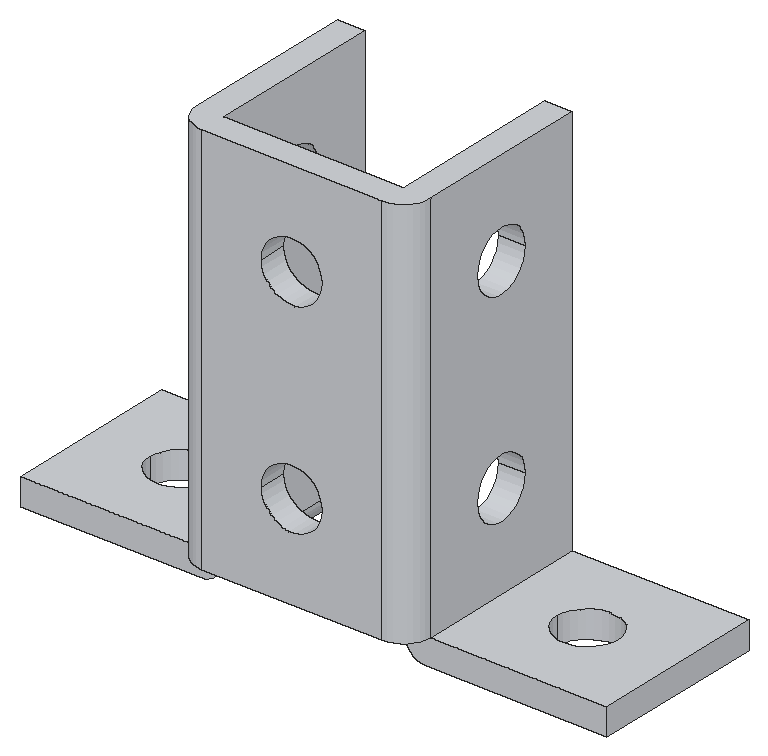
Revit family "Fitting-Wing_Shape-Unistrut-P2346", category Specialty Equipment, Revit 2012
Parameters (values of type "P2346")
  ecoScorecard_data = "http://products.ecoscorecard.com/atkore/P2346"
  ecoScorecard Product Page = "http://products.ecoscorecard.com/atkore/P2346?action=html"
  Weight Per Piece = 1.50 lbf
  Unit = none
  Unistrut Part Number = "P2346"  # constant formula
  URL = "http://unistrut.us/index.php"
  Thickness = 1/4"
  Subcategory = "Wing Shape Fittings"  # constant formula
  Product Page URL = "http://unistrut.us/index.php?WP=cat_detail&S=S05&P=P2346"
  Power Strut Part Number = "PS 821"  # constant formula
  Part Type = "Fitting"  # constant formula
  Overall Width = 5 13/32"
  Overall Length = 1 5/8"
  Overall Height = 3 7/8"
  Model = "P2346"
  Material = ""
  Manufacturer Phone - Toll Free = "800-882-5543"  # constant formula
  Manufacturer Phone = "708-339-1610"  # constant formula
  Manufacturer Fax = "708-339-7814"  # constant formula
  Manufacturer Email = "mailto:jshaw@atkore.com"
  Manufacturer Address = "16100 South Lathrop Avenue, Harvey, IL 60426"  # constant formula
  Manufacturer = "Unistrut by Atkore International"  # constant formula
  Load Capacity Note = "Visit the product page for load application and capacity."  # constant formula
  Literature URL = "http://unistrut.us/index.php?WP=LItLibrary"
  Hole Diameter = 9/16"
  Cost Info = "mailto:jshaw@atkore.com"
  CAD URL = "http://unistrut.us/index.php?WP=CAD3d"
  Assembly Code = "D5020100"
  95 CSI = "16070"  # constant formula
  04 CSI = "26 05 48"  # constant formula
Reference planes (in)
  plane 1 "Center (Front/Back)": y = 0
  plane 2: z = 0
  plane 3 "Center (Left/Right)": x = 0
  plane 4: z = 3.875
  plane 5: x = -2.70312
  plane 6: y = 0.8125
  plane 7: x = 2.70312
  plane 8: y = -0.8125
  plane 9: z = 0.25
  plane 10: x = 1.87433
  plane 11: x = -1.87433
  plane 12: z = 1.125
  plane 13: z = 3
Dimensions and locks (in)
  "Overall Height": plane 4 to plane 2
  equal spacing: plane 6, plane 1 "Center (Front/Back)", plane 8
  "Overall Length": plane 6 to plane 8
  equal spacing: plane 5, plane 3 "Center (Left/Right)", plane 7
  "Overall Width": plane 5 to plane 7
  "Thickness": plane 9 to plane 2
  aligned and locked: level to plane 2
  aligned and locked: nested 1 to plane 1 "Center (Front/Back)"
  aligned and locked: nested 1 to plane 3 "Center (Left/Right)"
  aligned and locked: plane 2 to nested 1
Nested families (in)
  nested 1: "2346" at (0, -0.9375, 3.875) x (1, 0, 0) z (0, 0, -1), type "2346"
Definition of nested family "2346"
  Parameters (values of type "P2346")
    Width = 5 13/32"
    Unit = none
    Thickness = 1/4"
    Height = 3 7/8"
    Radiuis = Diameter / 2  # 9/32"
    Length = 1 5/8"
    Diameter = 9/16"
    Default Elevation = 0"
    Bolt Length [instance] = 1 1/2"
  Reference planes (in)
    plane 1 "Center (Front/Back)": y = 0
    plane 2: z = 0
    plane 3 "Center (Left/Right)": x = 0
    plane 4: z = 3.875
    plane 5: y = 1.75
    plane 6: x = -2.70312
    plane 7: x = 2.70312
    plane 8: y = 0.125
    plane 9: x = 0.82813
    plane 10: x = -0.82812
    plane 11: z = 3.625
    plane 12: z = 0.875
    plane 13: y = 0.9375
  Forms (in)
    Extrusion 1, solid, material <- "Unit"
      sketch origin (0, 0, 0) x (1, 0, 0) y (0, 1, 0)
        loop
          line (-0.82812, 1.75) -> (-1.07812, 1.75) -> (-1.07812, 0.125)
          arc (-1.07812, 0.125) -> (-1.0049, -0.05178) -> (-0.82813, -0.125) r 0.25
          line (-0.82813, -0.125) -> (0.82812, -0.125)
          arc (0.82812, -0.125) -> (1.0049, -0.05178) -> (1.07812, 0.125) r 0.25
          line (1.07812, 0.125) -> (1.07813, 1.75) -> (0.82813, 1.75) -> (0.82813, 0.125) -> (-0.82812, 0.125) -> (-0.82812, 1.75)
      from 0 to 3.625
    Extrusion 2, solid, material <- "Unit"
      sketch origin (0, 0, 0) x (1, 0, 0) y (0, 0, 1)
        loop
          line (0.82813, 3.625) -> (2.70312, 3.625) -> (2.70312, 3.875) -> (1.04554, 3.875)
          arc (1.04554, 3.875) -> (0.8918, 3.81132) -> (0.82813, 3.65759) r 0.21741
          line (0.82813, 3.65759) -> (0.82813, 3.625)
        loop
          line (-0.82812, 3.625) -> (-0.82813, 3.65759)
          arc (-0.82813, 3.65759) -> (-0.8918, 3.81132) -> (-1.04554, 3.875) r 0.21741
          line (-1.04554, 3.875) -> (-2.70312, 3.875) -> (-2.70312, 3.625) -> (-0.82812, 3.625)
      from -1.75 to -0.125
    Extrusion 3, void
      sketch origin (0, 0, 0) x (1, 0, 0) y (0, 1, 0)
        loop
          circle (1.87433, 0.9375) r 0.28125
        loop
          circle (-1.87433, 0.9375) r 0.28125
      from 3.625 to 3.875
    Extrusion 4, void
      sketch origin (0, 0, 0) x (1, 0, 0) y (0, 0, 1)
        loop
          circle (0, 0.875) r 0.28125
        loop
          circle (0, 2.75) r 0.28125
      from -0.125 to 0.125
    Extrusion 5, void
      sketch origin (0, 0, 0) x (0, 1, 0) y (0, 0, 1)
        loop
          circle (0.9375, 0.875) r 0.28125
        loop
          circle (0.9375, 2.75) r 0.28125
      from -1.07812 to 1.07813
  Cuts and joins
    Extrusion 3, Extrusion 4, Extrusion 5 cuts Extrusion 1
    Extrusion 3, Extrusion 4, Extrusion 5 cuts Extrusion 2
    joined: Extrusion 1, Extrusion 2
  Dimensions and locks (in)
    "Height": plane 4 to plane 2
    equal spacing: plane 6, plane 3 "Center (Left/Right)", plane 7
    "Width": plane 6 to plane 7
    equal spacing: plane 10, plane 3 "Center (Left/Right)", plane 9
    plane 10 to plane 9 = 1 21/32"
    "Thickness": plane 4 to plane 11
    locked: Extrusion 3 sketch curve to plane 7 at 0.82879
    locked: plane 6 to Extrusion 3 sketch curve at 0.82879
    "Length": plane 5 to plane 8
    equal spacing: plane 5, plane 13, plane 8
    locked: plane 11 to Extrusion 4 sketch curve at 0.875
    "Radiuis": radius of Extrusion 3 sketch curve  (x2)
    "Radiuis": radius of Extrusion 4 sketch curve  (x2)
    "Radiuis": radius of Extrusion 5 sketch curve  (x2)
    aligned and locked: level to plane 2
    aligned and locked: Extrusion 1 sketch curve to plane 10
    aligned and locked: Extrusion 1 sketch curve to plane 8
    aligned and locked: Extrusion 1 sketch curve to plane 9
    aligned and locked: Extrusion 1 to plane 2
    aligned and locked: plane 11 to Extrusion 1
    aligned and locked: Extrusion 2 sketch curve to Extrusion 1
    aligned and locked: plane 4 to Extrusion 2 sketch curve
    aligned and locked: Extrusion 2 sketch curve to plane 7
    aligned and locked: plane 5 to Extrusion 2
    aligned and locked: plane 11 to Extrusion 2 sketch curve
    aligned and locked: plane 6 to Extrusion 2 sketch curve
    aligned and locked: Extrusion 2 sketch curve to plane 4
    aligned and locked: Extrusion 2 to plane 8
    aligned and locked: Extrusion 1 sketch curve to plane 5
    aligned and locked: Extrusion 2 sketch curve to plane 9
    aligned and locked: Extrusion 2 sketch curve to plane 10
    aligned and locked: Extrusion 3 to Extrusion 1
    aligned and locked: Extrusion 2 to Extrusion 3
    aligned and locked: plane 3 "Center (Left/Right)" to Extrusion 4 sketch curve
    aligned and locked: Extrusion 1 to Extrusion 4  (x2)
    aligned and locked: plane 12 to Extrusion 5 sketch curve
    aligned and locked: Extrusion 1 to Extrusion 5  (x2)
  Automatic sketch dimensions
    plane 11 to Extrusion 2 sketch curve = 0.03259"  (x2)
    Extrusion 1 sketch curve to plane 8 = 0"  (x2)
    Extrusion 1 sketch curve to plane 10 = 0"  (x2)
    Extrusion 1 sketch curve to plane 9 = 0"
    Extrusion 1 sketch curve to plane 5 = 0"
    Extrusion 1 sketch curve to plane 10 = 1/4"
    Extrusion 3 sketch curve to plane 5 = 13/16"  (x2)
    Extrusion 4 sketch curve to plane 3 "Center (Left/Right)" = 0"
    Extrusion 4 sketch curve to plane 12 = 0"
    Extrusion 5 sketch curve to plane 13 = 0"  (x2)
    Extrusion 5 sketch curve to plane 11 = 7/8"
